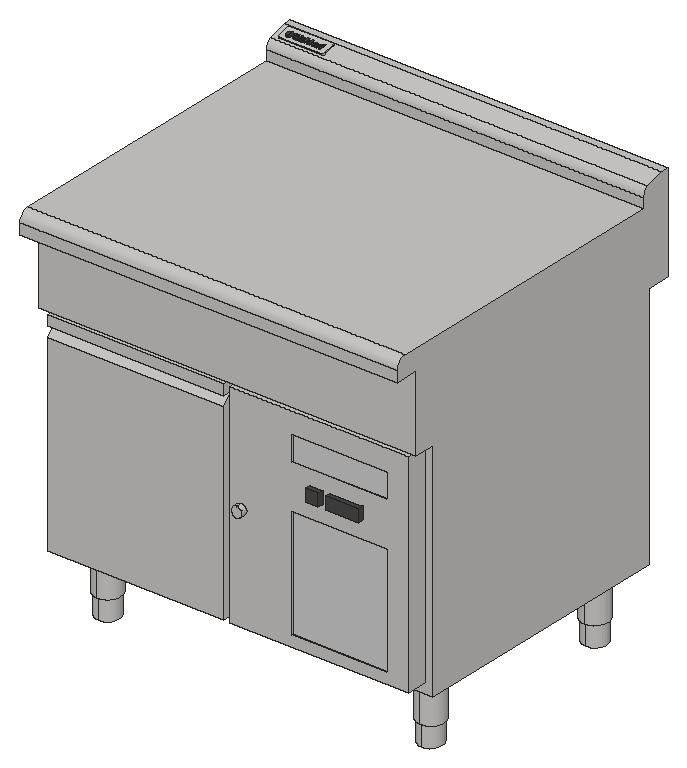
Revit family "QF_MOFFAT WALDORF_BTL8900-RB", category Specialty Equipment, Revit 2012
Parameters
  Weight in Pounds = 225.7359  # constant formula
  Width [instance] = 900.00 mm  # constant formula
  Watts = 250 W
  Volts = 240 V
  URL Cutsheet = "www.moffat.com"
  URL = "www.moffat.com"
  Type Mark [instance] = ""
  Status [instance] = ""
  Specification by User [instance] = ""
  Specification by Manufacturer = ""
  Show Logo [instance] = yes
  Show Clearance [instance] = yes
  Show Casters [instance] = no
  Serial Number = ""
  Seismic Rating = ""
  SMACNA No = ""
  Revision Code [instance] = ""
  Refrigerant Type = "R134a"
  Phase = 1
  Omniclass Number and Title = ""
  Number of Poles = 1
  NAFEM Spec ID Number = ""
  Model = "BTL8900-RB"
  Min Ckt Ampacity = 0 A
  Max Overcurrent Protection = 0 A
  Masterspec = ""
  Manufacturer = "MOFFAT WALDORF"
  Legs [instance] = not(Show Casters)  # yes
  Item Number [instance] = ""
  Installed By [instance] = ""
  Identify Quantity as Lot [instance] = yes
  Height = 972.00 mm  # constant formula
  HP = ""
  Furnished By [instance] = ""
  Foodservice Equipment Identifier [instance] = yes
  FL Amps = 1.8 A
  Elec Conn RI Height = 0.00 mm
  Elec Conn Connection Height = 0.00 mm
  Description = "BENCH TOP LOW SPLASHBACK ON REFRIGERATED BASE"
  Depth [instance] = 805.00 mm  # constant formula
  Cycle = 50 Hz
  Conn Plug = ""
  Conn Conduit = yes
  CSI MasterFormat = ""
  CSI Master Format = ""
  Body Finish = QF_Finishes_Stainless Steel
  Back Splash [instance] = 215.00 mm  # constant formula
  Apparent Power = if(Phase = 3, Volts * FL Amps * 1.73, Volts * FL Amps)  # 432 VA
Reference planes
  plane 1 "BACK": y = 0
  plane 2: z = 0
  plane 3 "LEFT": x = 0
  plane 4 "RIGHT": x = 900
  plane 5 "FRONT": y = -805
  plane 6 "TOP": z = 972
  plane 7 "Center Y": x = 450
  plane 8 "Center X": y = -402.5
  plane 9 "Base Height": z = 150
  plane 10: z = 915
  plane 11: x = 65
  plane 12: x = 834.938
  plane 13: y = -625
  plane 14: z = 420
  plane 15: y = -135
Forms (mm)
  Extrusion 1, solid, material "QF_Finishes_Stainless Steel" <- "Body Finish"
    sketch origin (0, 0, 0) x (0, 1, 0) y (0, 0, 1)
      loop
        line (-699, 687) -> (-699, 150) -> (-57, 150) -> (-57, 740) -> (0, 740) -> (0, 972) -> (-16.5, 972) -> (-58, 960.88)
        arc (-58, 960.88) -> (-66.785, 952.095) -> (-70, 940.095) r 24
        line (-70, 940.095) -> (-70, 917) -> (-781, 917)
        arc (-781, 917) -> (-797.971, 909.971) -> (-805, 893) r 24
        line (-805, 893) -> (-805, 868) -> (-749, 868) -> (-749, 687) -> (-699, 687)
    from 0 to 900
  Revolve 2, solid, material "QF_Finishes_Stainless Steel" <- "Body Finish", visible <- "Legs"
    sketch origin (65, -200, 0) x (0, 1, 0) y (0, 0, 1)
      loop
        line (33.25, 150) -> (33.25, 50) -> (37.5, 50) -> (37.5, 0) -> (65, 0) -> (65, 150) -> (33.25, 150)
      axis (65, 150) -> (65, 0)
    angle from 0 to 360
  Revolve 3, solid, material "QF_Finishes_Stainless Steel" <- "Body Finish"
    sketch origin (65, -735, 0) x (0, 1, 0) y (0, 0, 1)
      loop
        line (78.25, 150) -> (78.25, 50) -> (82.5, 50) -> (82.5, 0) -> (110, 0) -> (110, 150) -> (78.25, 150)
      axis (110, 150) -> (110, 0)
    angle from 0 to 360
  Revolve 4, solid, material "QF_Finishes_Stainless Steel" <- "Body Finish", visible <- "Legs"
    sketch origin (834.938, -200, 0) x (0, 1, 0) y (0, 0, -1)
      loop
        line (33.25, -150) -> (65, -150) -> (65, 0) -> (37.5, 0) -> (37.5, -50) -> (33.25, -50) -> (33.25, -150)
      axis (65, -150) -> (65, 0)
    angle from 0 to 360
  Revolve 5, solid, material "QF_Finishes_Stainless Steel" <- "Body Finish"
    sketch origin (834.938, -735, 0) x (0, 1, 0) y (0, 0, -1)
      loop
        line (78.25, -150) -> (110, -150) -> (110, 0) -> (82.5, 0) -> (82.5, -50) -> (78.25, -50) -> (78.25, -150)
      axis (110, -150) -> (110, 0)
    angle from 0 to 360
  Extrusion 6, solid, material "QF_Finishes_Stainless Steel" <- "Body Finish"
    sketch origin (0, 0, 0) x (0, 1, 0) y (0, 0, 1)
      loop
        line (-747, 678) -> (-747, 653) -> (-722, 653) -> (-747, 628) -> (-747, 173.1) -> (-702.18, 173.1) -> (-702.18, 678) -> (-747, 678)
    from 19 to 439
  Extrusion 7, solid, material "QF_Finishes_Stainless Steel" <- "Body Finish"
    sketch origin (0, -699, 1085.255) x (0, 0, -1) y (1, 0, 0)
      loop
        line (408.155, 881) -> (408.155, 453) -> (912.155, 453) -> (912.155, 881) -> (408.155, 881)
      loop
        line (887.155, 831) -> (622.155, 831) -> (622.155, 601) -> (887.155, 601) -> (887.155, 831)
      loop
        line (458.155, 831) -> (458.155, 601) -> (518.155, 601) -> (518.155, 831) -> (458.155, 831)
    from 0 to 48
  Extrusion 8, solid, material "QF_Finishes_Vents"
    sketch origin (0, -699, 1085.255) x (0, 0, 1) y (1, 0, 0)
      loop
        line (-518.155, 601) -> (-458.155, 601) -> (-458.155, 831) -> (-518.155, 831) -> (-518.155, 601)
      loop
        line (-622.155, 601) -> (-622.155, 831) -> (-887.155, 831) -> (-887.155, 601) -> (-622.155, 601)
    from 0 to -44.529
  Extrusion 9, solid, material "QF_Finishes_Black"
    sketch origin (0, -747, 1085.255) x (0, 0, -1) y (1, 0, 0)
      loop
        line (552.615, 644.926) -> (582.615, 644.926) -> (582.615, 674.926) -> (552.615, 674.926) -> (552.615, 644.926)
      loop
        line (552.615, 692.503) -> (582.615, 692.503) -> (582.615, 770.815) -> (552.615, 770.815) -> (552.615, 692.503)
    from 0 to 12.7
  Extrusion 10, solid, material "QF_Finishes_Stainless Steel"
    sketch origin (0, -747, 1085.255) x (0, 0, -1) y (1, 0, 0)
      loop
        circle (661.385, 480.856) r 12.395
    from 0 to 12.7
  Extrusion 11, solid, material "QF_Finishes_Stainless Steel"
    sketch origin (-144.5, -57, 740) x (0, 0, -1) y (-1, 0, 0)
      loop
        circle (320, -762.653) r 10
    from 0 to 1.993
  Extrusion 12, solid, material "QF_Door-Drawer Clearances", visible <- "Show Clearance", detail levels coarse
    sketch origin (17.5, -706.375, 173.1) x (-1, 0, 0) y (0, 1, 0)
      loop
        line (-1.341, -41.036) -> (-421.341, -41.036)
        arc (-421.341, -41.036) -> (-298.325, -338.021) -> (-1.341, -461.036) r 420
        line (-1.341, -461.036) -> (-1.341, -41.036)
    from 0 to -504.9
Lines and regions (mm)
  symbolic lines
    curve 1: line (0, 0, 0) -> (0, -805, 0)
    curve 2: line (900, 0, 0) -> (0, 0, 0)
    curve 3: line (900, -805, 0) -> (900, 0, 0)
    curve 4: line (0, -70, 0) -> (900, -70, 0)
    curve 5: line (0, -805, 0) -> (900, -805, 0)
    curve 6: line (12.5, -51.234, 0) -> (12.5, -20.958, 0)
    curve 7: line (121.5, -20.958, 0) -> (121.5, -51.234, 0)
    curve 8: line (12.5, -51.234, 0) -> (121.5, -51.234, 0)
    curve 9: line (12.5, -20.958, 0) -> (121.5, -20.958, 0)
    curve 10: line (129.5, -50.642, 0) -> (129.5, -22.583, 0)
    curve 11: line (129.5, -22.583, 0) -> (149.5, -22.583, 0)
    curve 12: line (149.5, -22.583, 0) -> (149.5, -50.642, 0)
    curve 13: line (149.5, -50.642, 0) -> (129.5, -50.642, 0)
    curve 14: line (156.456, -50.642, 0) -> (156.456, -22.583, 0)
    curve 15: line (156.456, -22.583, 0) -> (176.456, -22.583, 0)
    curve 16: line (176.456, -22.583, 0) -> (176.456, -50.642, 0)
    curve 17: line (176.456, -50.642, 0) -> (156.456, -50.642, 0)
    curve 18: line (183.554, -50.642, 0) -> (183.554, -22.583, 0)
    curve 19: line (183.554, -22.583, 0) -> (203.554, -22.583, 0)
    curve 20: line (203.554, -22.583, 0) -> (203.554, -50.642, 0)
    curve 21: line (203.554, -50.642, 0) -> (183.554, -50.642, 0)
    curve 22: line (210.547, -50.642, 0) -> (210.547, -22.583, 0)
    curve 23: line (210.547, -22.583, 0) -> (230.547, -22.583, 0)
    curve 24: line (230.547, -22.583, 0) -> (230.547, -50.642, 0)
    curve 25: line (230.547, -50.642, 0) -> (210.547, -50.642, 0)
    curve 26: line (237.5, -50.642, 0) -> (237.5, -22.583, 0)
    curve 27: line (237.5, -22.583, 0) -> (257.5, -22.583, 0)
    curve 28: line (257.5, -22.583, 0) -> (257.5, -50.642, 0)
    curve 29: line (257.5, -50.642, 0) -> (237.5, -50.642, 0)
    curve 30: line (264.5, -50.642, 0) -> (264.5, -22.583, 0)
    curve 31: line (264.5, -22.583, 0) -> (284.5, -22.583, 0)
    curve 32: line (284.5, -22.583, 0) -> (284.5, -50.642, 0)
    curve 33: line (284.5, -50.642, 0) -> (264.5, -50.642, 0)
    curve 34: line (291.5, -50.642, 0) -> (291.5, -22.583, 0)
    curve 35: line (291.5, -22.583, 0) -> (311.5, -22.583, 0)
    curve 36: line (311.5, -22.583, 0) -> (311.5, -50.642, 0)
    curve 37: line (311.5, -50.642, 0) -> (291.5, -50.642, 0)
    curve 38: line (318.5, -50.642, 0) -> (318.5, -22.583, 0)
    curve 39: line (318.5, -22.583, 0) -> (338.5, -22.583, 0)
    curve 40: line (338.5, -22.583, 0) -> (338.5, -50.642, 0)
    curve 41: line (338.5, -50.642, 0) -> (318.5, -50.642, 0)
    curve 42: line (345.5, -50.642, 0) -> (345.5, -22.583, 0)
    curve 43: line (345.5, -22.583, 0) -> (365.5, -22.583, 0)
    curve 44: line (365.5, -22.583, 0) -> (365.5, -50.642, 0)
    curve 45: line (365.5, -50.642, 0) -> (345.5, -50.642, 0)
    curve 46: line (372.5, -50.642, 0) -> (372.5, -22.583, 0)
    curve 47: line (372.5, -22.583, 0) -> (392.5, -22.583, 0)
    curve 48: line (392.5, -22.583, 0) -> (392.5, -50.642, 0)
    curve 49: line (392.5, -50.642, 0) -> (372.5, -50.642, 0)
    curve 50: line (399.5, -50.642, 0) -> (399.5, -22.583, 0)
    curve 51: line (399.5, -22.583, 0) -> (419.5, -22.583, 0)
    curve 52: line (419.5, -22.583, 0) -> (419.5, -50.642, 0)
    curve 53: line (419.5, -50.642, 0) -> (399.5, -50.642, 0)
    curve 54: line (426.5, -50.642, 0) -> (426.5, -22.583, 0)
    curve 55: line (426.5, -22.583, 0) -> (446.5, -22.583, 0)
    curve 56: line (446.5, -22.583, 0) -> (446.5, -50.642, 0)
    curve 57: line (446.5, -50.642, 0) -> (426.5, -50.642, 0)
    curve 58: line (453.5, -50.642, 0) -> (453.5, -22.583, 0)
    curve 59: line (453.5, -22.583, 0) -> (473.5, -22.583, 0)
    curve 60: line (473.5, -22.583, 0) -> (473.5, -50.642, 0)
    curve 61: line (473.5, -50.642, 0) -> (453.5, -50.642, 0)
    curve 62: line (480.5, -50.642, 0) -> (480.5, -22.583, 0)
    curve 63: line (480.5, -22.583, 0) -> (500.5, -22.583, 0)
    curve 64: line (500.5, -22.583, 0) -> (500.5, -50.642, 0)
    curve 65: line (500.5, -50.642, 0) -> (480.5, -50.642, 0)
    curve 66: line (507.5, -50.642, 0) -> (507.5, -22.583, 0)
    curve 67: line (507.5, -22.583, 0) -> (527.5, -22.583, 0)
    curve 68: line (527.5, -22.583, 0) -> (527.5, -50.642, 0)
    curve 69: line (527.5, -50.642, 0) -> (507.5, -50.642, 0)
    curve 70: line (534.5, -50.642, 0) -> (534.5, -22.583, 0)
    curve 71: line (534.5, -22.583, 0) -> (554.5, -22.583, 0)
    curve 72: line (554.5, -22.583, 0) -> (554.5, -50.642, 0)
    curve 73: line (554.5, -50.642, 0) -> (534.5, -50.642, 0)
    curve 74: line (561.5, -50.642, 0) -> (561.5, -22.583, 0)
    curve 75: line (561.5, -22.583, 0) -> (581.5, -22.583, 0)
    curve 76: line (581.5, -22.583, 0) -> (581.5, -50.642, 0)
    curve 77: line (581.5, -50.642, 0) -> (561.5, -50.642, 0)
    curve 78: line (588.5, -50.642, 0) -> (588.5, -22.583, 0)
    curve 79: line (588.5, -22.583, 0) -> (608.5, -22.583, 0)
    curve 80: line (608.5, -22.583, 0) -> (608.5, -50.642, 0)
    curve 81: line (608.5, -50.642, 0) -> (588.5, -50.642, 0)
    curve 82: line (615.5, -50.642, 0) -> (615.5, -22.583, 0)
    curve 83: line (615.5, -22.583, 0) -> (635.5, -22.583, 0)
    curve 84: line (635.5, -22.583, 0) -> (635.5, -50.642, 0)
    curve 85: line (635.5, -50.642, 0) -> (615.5, -50.642, 0)
    curve 86: line (642.5, -50.642, 0) -> (642.5, -22.583, 0)
    curve 87: line (642.5, -22.583, 0) -> (662.5, -22.583, 0)
    curve 88: line (662.5, -22.583, 0) -> (662.5, -50.642, 0)
    curve 89: line (662.5, -50.642, 0) -> (642.5, -50.642, 0)
    curve 90: line (669.5, -50.642, 0) -> (669.5, -22.583, 0)
    curve 91: line (669.5, -22.583, 0) -> (689.5, -22.583, 0)
    curve 92: line (689.5, -22.583, 0) -> (689.5, -50.642, 0)
    curve 93: line (689.5, -50.642, 0) -> (669.5, -50.642, 0)
    curve 94: line (696.5, -50.642, 0) -> (696.5, -22.583, 0)
    curve 95: line (696.5, -22.583, 0) -> (716.5, -22.583, 0)
    curve 96: line (716.5, -22.583, 0) -> (716.5, -50.642, 0)
    curve 97: line (716.5, -50.642, 0) -> (696.5, -50.642, 0)
    curve 98: line (723.5, -50.642, 0) -> (723.5, -22.583, 0)
    curve 99: line (723.5, -22.583, 0) -> (743.5, -22.583, 0)
    curve 100: line (743.5, -22.583, 0) -> (743.5, -50.642, 0)
    curve 101: line (743.5, -50.642, 0) -> (723.5, -50.642, 0)
    curve 102: line (750.5, -50.642, 0) -> (750.5, -22.583, 0)
    curve 103: line (750.5, -22.583, 0) -> (770.5, -22.583, 0)
    curve 104: line (770.5, -22.583, 0) -> (770.5, -50.642, 0)
    curve 105: line (770.5, -50.642, 0) -> (750.5, -50.642, 0)
  symbolic lines, style "QF_Door-Drawer Clearances"
    curve 106: line (77, -805, 0) -> (316.111, -1044.111, 0)
    curve 107: arc (434.874, -805, 0) -> (394.997, -934.243, 0) -> (316.111, -1044.111, 0) r 420
Dimensions and locks
  equal spacing: plane 3 "LEFT", plane 7 "Center Y", plane 4 "RIGHT"
  "Width": plane 3 "LEFT" to plane 4 "RIGHT"
  equal spacing: plane 5 "FRONT", plane 8 "Center X", plane 1 "BACK"
  "Depth": plane 5 "FRONT" to plane 1 "BACK"
  locked: plane 10 to level at 915
  locked: plane 9 "Base Height" to level at 150
  nested 1 to plane 6 "TOP" to nested 1 to plane 10 = 0.882 mm, 7.954 mm, 49.046 mm
  plane 12 to plane 11 = 769.938 mm
  "Height": plane 6 "TOP" to level
  plane 13 to plane 15 = 490.00 mm
  aligned and locked: level to plane 2
Automatic sketch dimensions
  Revolve 2 sketch curve to plane 9 "Base Height" = 0.00 mm
  Revolve 2 sketch curve to level = 0.00 mm
  Revolve 2 sketch curve to Revolve 2 sketch curve = 27.50 mm  (x2)
  Revolve 2 sketch curve to Revolve 2 sketch curve = 31.75 mm
  Revolve 2 sketch curve to level = 55.00 mm
  Revolve 2 sketch curve to Revolve 2 sketch curve = 50.00 mm
  Revolve 2 sketch curve to Revolve 2 sketch curve = 0.00 mm
  Revolve 3 sketch curve to plane 9 "Base Height" = 0.00 mm
  Revolve 3 sketch curve to level = 0.00 mm
  Revolve 3 sketch curve to plane 13 = 0.00 mm  (x2)
  Revolve 3 sketch curve to plane 13 = 27.50 mm
  Revolve 3 sketch curve to Revolve 3 sketch curve = 31.75 mm
  Revolve 3 sketch curve to Revolve 3 sketch curve = 55.00 mm
  level to Revolve 3 sketch curve = 50.00 mm
  Revolve 3 sketch curve to Revolve 3 sketch curve = 0.00 mm
  Revolve 4 sketch curve to plane 9 "Base Height" = 0.00 mm
  Revolve 4 sketch curve to level = 0.00 mm
  Revolve 4 sketch curve to Revolve 4 sketch curve = 27.50 mm  (x2)
  Revolve 4 sketch curve to Revolve 4 sketch curve = 31.75 mm
  level to Revolve 4 sketch curve = 50.00 mm
  Revolve 4 sketch curve to Revolve 4 sketch curve = 0.00 mm
  Revolve 4 sketch curve to Revolve 4 sketch curve = 55.00 mm
  Revolve 5 sketch curve to plane 9 "Base Height" = 0.00 mm
  Revolve 5 sketch curve to level = 0.00 mm
  Revolve 5 sketch curve to plane 13 = 0.00 mm  (x2)
  Revolve 5 sketch curve to plane 13 = 27.50 mm
  Revolve 5 sketch curve to plane 13 = 31.75 mm
  level to Revolve 5 sketch curve = 50.00 mm
  Revolve 5 sketch curve to Revolve 5 sketch curve = 0.00 mm
  Revolve 5 sketch curve to Revolve 5 sketch curve = 55.00 mm
  Extrusion 6 sketch curve to plane 5 "FRONT" = 58.00 mm
  Extrusion 6 sketch curve to Extrusion 6 sketch curve = 25.00 mm  (x3)
  Extrusion 6 sketch curve to Extrusion 6 sketch curve = 19.82 mm
  Extrusion 6 sketch curve to Extrusion 6 sketch curve = 454.90 mm
  Extrusion 7 sketch curve to Extrusion 7 sketch curve = 50.00 mm  (x2)
  Extrusion 7 sketch curve to Extrusion 7 sketch curve = 25.00 mm
  Extrusion 7 sketch curve to Extrusion 7 sketch curve = 148.00 mm  (x2)
  Extrusion 7 sketch curve to Extrusion 7 sketch curve = 60.00 mm
  Extrusion 7 sketch curve to Extrusion 7 sketch curve = 265.00 mm
  Extrusion 7 to Extrusion 8 sketch curve = 0.00 mm  (x2)
  Extrusion 8 sketch curve to Extrusion 7 = 0.00 mm  (x6)
  Extrusion 9 sketch curve to Extrusion 7 = 34.46 mm  (x2)
  Extrusion 9 sketch curve to Extrusion 9 sketch curve = 30.00 mm  (x2)
  Extrusion 9 sketch curve to Extrusion 9 sketch curve = 0.00 mm
  Extrusion 7 to Extrusion 9 sketch curve = 43.926 mm
  Extrusion 9 sketch curve to Extrusion 9 sketch curve = 17.577 mm
  Extrusion 7 to Extrusion 9 sketch curve = 60.185 mm
  Extrusion 7 to Extrusion 10 sketch curve = 39.229 mm
  Extrusion 10 sketch curve to Extrusion 7 = 27.856 mm
  Extrusion 11 sketch curve to Extrusion 1 = 320.00 mm
  Extrusion 1 to Extrusion 11 sketch curve = 281.847 mm
  Extrusion 6 sketch curve to plane 14 = 246.90 mm
  Extrusion 6 sketch curve to Extrusion 6 sketch curve = 44.82 mm
  Extrusion 12 sketch curve to Extrusion 6 = 0.159 mm
  Extrusion 6 to Extrusion 12 sketch curve = 0.159 mm
  Extrusion 6 to Extrusion 12 sketch curve = 0.411 mm
  curve 1 to plane 3 "LEFT" = 0.00 mm
  plane 5 "FRONT" to curve 107 = 0.00 mm
  curve 3 to plane 4 "RIGHT" = 0.00 mm
  plane 1 "BACK" to curve 2 = 0.00 mm
  plane 3 "LEFT" to curve 6 = 12.50 mm
  plane 3 "LEFT" to curve 107 = 18.841 mm
  plane 11 to curve 106 = 12.00 mm
  plane 1 "BACK" to curve 7 = 20.958 mm
  plane 11 to curve 7 = 56.50 mm
  curve 7 to curve 11 = 8.00 mm
  curve 10 to curve 12 = 20.00 mm
  curve 12 to curve 17 = 6.956 mm
  curve 14 to curve 16 = 20.00 mm
  curve 15 to curve 19 = 7.098 mm
  curve 18 to curve 20 = 20.00 mm
  curve 19 to curve 22 = 6.993 mm
  curve 22 to curve 24 = 20.00 mm
  curve 24 to curve 26 = 6.953 mm
  curve 26 to curve 29 = 20.00 mm
  curve 27 to curve 31 = 7.00 mm
  curve 30 to curve 32 = 20.00 mm
  curve 31 to curve 34 = 7.00 mm
  curve 34 to curve 36 = 20.00 mm
  curve 107 to plane 7 "Center Y" = 133.889 mm
  curve 36 to curve 38 = 7.00 mm
  curve 38 to curve 39 = 20.00 mm
  curve 40 to curve 45 = 7.00 mm
  curve 42 to curve 44 = 20.00 mm
  curve 44 to curve 49 = 7.00 mm
  curve 46 to curve 47 = 20.00 mm
  curve 48 to curve 50 = 7.00 mm
  curve 50 to curve 51 = 20.00 mm
  curve 51 to curve 54 = 7.00 mm
  curve 107 to plane 7 "Center Y" = 15.126 mm
  curve 56 to plane 7 "Center Y" = 3.50 mm
  plane 7 "Center Y" to curve 58 = 3.50 mm
  curve 58 to curve 60 = 20.00 mm
  curve 60 to curve 62 = 7.00 mm
  curve 62 to curve 64 = 20.00 mm
  curve 64 to curve 66 = 7.00 mm
  curve 66 to curve 68 = 20.00 mm
  curve 68 to curve 70 = 7.00 mm
  curve 70 to curve 72 = 20.00 mm
  curve 71 to curve 74 = 7.00 mm
  curve 74 to curve 76 = 20.00 mm
  curve 76 to curve 78 = 7.00 mm
  curve 78 to curve 80 = 20.00 mm
  curve 80 to curve 82 = 7.00 mm
  curve 82 to curve 84 = 20.00 mm
  curve 84 to curve 86 = 7.00 mm
  curve 86 to curve 88 = 20.00 mm
  curve 88 to curve 90 = 7.00 mm
  curve 90 to curve 92 = 20.00 mm
  curve 92 to curve 94 = 7.00 mm
  curve 94 to curve 96 = 20.00 mm
  curve 95 to curve 98 = 7.00 mm
  curve 98 to curve 100 = 20.00 mm
  curve 99 to curve 102 = 7.00 mm
  curve 102 to curve 104 = 20.00 mm
  plane 5 "FRONT" to curve 107 = 239.111 mm
  curve 8 to curve 7 = 30.277 mm
  curve 7 to curve 10 = 0.592 mm
  curve 101 to curve 102 = 0.00 mm
  curve 12 to curve 14 = 0.00 mm  (x2)
  curve 97 to curve 98 = 0.00 mm
  curve 16 to curve 18 = 0.00 mm  (x2)
  curve 93 to curve 94 = 0.00 mm
  curve 20 to curve 22 = 0.00 mm  (x2)
  curve 89 to curve 90 = 0.00 mm
  curve 24 to curve 26 = 0.00 mm  (x2)
  curve 85 to curve 86 = 0.00 mm
  curve 28 to curve 30 = 0.00 mm  (x2)
  curve 81 to curve 82 = 0.00 mm
  curve 32 to curve 34 = 0.00 mm  (x2)
  curve 77 to curve 78 = 0.00 mm
  curve 36 to curve 38 = 0.00 mm  (x2)
  curve 73 to curve 74 = 0.00 mm
  curve 40 to curve 42 = 0.00 mm  (x2)
  curve 69 to curve 70 = 0.00 mm
  curve 44 to curve 46 = 0.00 mm  (x2)
  curve 65 to curve 66 = 0.00 mm
  curve 48 to curve 50 = 0.00 mm  (x2)
  curve 61 to curve 62 = 0.00 mm
  curve 52 to curve 54 = 0.00 mm  (x2)
  plane 1 "BACK" to curve 56 = 22.583 mm
  curve 55 to curve 58 = 0.00 mm
  curve 59 to curve 62 = 0.00 mm
  curve 63 to curve 66 = 0.00 mm
  curve 67 to curve 70 = 0.00 mm
  curve 71 to curve 74 = 0.00 mm
  curve 75 to curve 78 = 0.00 mm
  curve 79 to curve 82 = 0.00 mm
  curve 83 to curve 86 = 0.00 mm
  curve 87 to curve 90 = 0.00 mm
  curve 91 to curve 94 = 0.00 mm
  curve 95 to curve 98 = 0.00 mm
  curve 99 to curve 102 = 0.00 mm
  plane 7 "Center Y" to Extrusion 7 sketch curve = 3.00 mm
  Extrusion 7 sketch curve to plane 10 = 237.90 mm
  plane 14 to Extrusion 7 sketch curve = 43.10 mm
  plane 12 to Extrusion 7 sketch curve = 3.937 mm  (x2)
  Extrusion 1 sketch curve to plane 5 "FRONT" = 0.00 mm
  Extrusion 1 sketch curve to plane 9 "Base Height" = 0.00 mm
  Extrusion 1 sketch curve to plane 6 "TOP" = 0.00 mm
  Extrusion 1 sketch curve to plane 1 "BACK" = 0.00 mm
  Extrusion 1 sketch curve to Extrusion 1 sketch curve = 24.00 mm
  Extrusion 1 sketch curve to plane 5 "FRONT" = 56.00 mm
  Extrusion 1 sketch curve to plane 13 = 74.00 mm
  plane 10 to Extrusion 1 sketch curve = 2.00 mm
  Extrusion 1 sketch curve to plane 6 "TOP" = 11.12 mm
  Extrusion 1 sketch curve to Extrusion 1 sketch curve = 12.00 mm
  plane 1 "BACK" to Extrusion 1 sketch curve = 16.50 mm
  Extrusion 1 sketch curve to plane 10 = 175.00 mm
  Extrusion 1 sketch curve to Extrusion 1 sketch curve = 206.00 mm
  Extrusion 1 sketch curve to Extrusion 1 sketch curve = 25.00 mm
  Extrusion 1 sketch curve to Extrusion 1 sketch curve = 23.095 mm
  curve 4 to curve 6 = 18.766 mm
  curve 105 to curve 102 = 28.059 mm
  plane 1 "BACK" to Extrusion 1 sketch curve = 70.00 mm
  plane 1 "BACK" to Extrusion 1 sketch curve = 57.00 mm
  plane 1 "BACK" to Revolve 2 sketch curve = 166.75 mm
  plane 1 "BACK" to Revolve 4 sketch curve = 166.75 mm
  radius of Extrusion 10 sketch curve = 12.395 mm
  radius of Extrusion 11 sketch curve = 10.00 mm
Nested families
  nested 1: "WALDORF-LOGO" at (12.5, -35.273, 938.69), visible <- "Show Logo", type "WALDORF-LOGO", detail levels medium+fine
    with Type Mark "", Status "", Specification by User "", Revision Code "", Item Number "", Installed By "", Identify Quantity as Lot yes, Furnished By "", Foodservice Equipment Identifier yes
  nested 2: "BTL8900-RB-CASTERS" at (65, -135, 0), Show Casters <- "Show Casters", visible <- "Show Casters", type "BTL8900-RB-CASTERS"
    with Type Mark "", Status "", Specification by User "", Show Casters no, Revision Code "", Item Number "", Installed By "", Identify Quantity as Lot yes, Furnished By "", Foodservice Equipment Identifier yes
  nested 3: "BTL8900-RB-CASTERS" at (835, -135, 0), Show Casters <- "Show Casters", visible <- "Show Casters", type "BTL8900-RB-CASTERS"
    with Type Mark "", Status "", Specification by User "", Show Casters no, Revision Code "", Item Number "", Installed By "", Identify Quantity as Lot yes, Furnished By "", Foodservice Equipment Identifier yes
Connectors
  electrical at (618.153, -55.007, 420), driven by "Volts", driven by "Watts"
    settings: on Extrusion 11, index 1, voltage 240 V, apparent load 250 VA, apparent load phase1 0 VA, apparent load phase2 0 VA, apparent load phase3 0 VA, power factor 1, load classification "Other", number of poles 1, system type 30, power factor state 1, is connector primary yes, connector utility no, sub classification motor no, connector description "ELECTRICAL CONNECTION"
Definition of nested family "WALDORF-LOGO"
  Parameters (values of type "WALDORF-LOGO")
    Weight in Pounds = 0
    URL Cutsheet = ""
    Type Mark [instance] = ""
    Status [instance] = ""
    Specification by User [instance] = ""
    Specification by Manufacturer = ""
    Show Logo [instance] = yes
    Serial Number = ""
    Seismic Rating = ""
    SMACNA No = ""
    Revision Code [instance] = ""
    Omniclass Number and Title = ""
    NAFEM Spec ID Number = ""
    Masterspec = ""
    Item Number [instance] = ""
    Installed By [instance] = ""
    Identify Quantity as Lot [instance] = yes
    Furnished By [instance] = ""
    Foodservice Equipment Identifier [instance] = yes
    CSI MasterFormat = ""
    CSI Master Format = ""
  Reference planes
    plane 1 "BACK": y = 0
    plane 2: z = 0
    plane 3 "LEFT": x = 0
    plane 4 "RIGHT": x = 109
    plane 5 "FRONT": y = -1.588
    plane 6 "TOP": z = 34.14
    plane 7 "Center Y": x = 54.5
    plane 8 "Center X": y = -0.794
    plane 9: through (-6096, 21.87, 34.14) normal (0, -0.2588, 0.9659)
  Forms (mm)
    Extrusion 1, solid, material "QF_Finishes_Stainless Steel", visible <- "Show Logo"
      sketch origin (0, -16.636, 23.822) x (1, 0, 0) y (0, 0.965926, 0.258819)
        loop
          arc (5, 34.14) -> (1.464, 32.676) -> (0, 29.14) r 5
          line (0, 29.14) -> (0, 5)
          arc (0, 5) -> (1.464, 1.464) -> (5, 0) r 5
          line (5, 0) -> (104, 0)
          arc (104, 0) -> (107.536, 1.464) -> (109, 5) r 5
          line (109, 5) -> (109, 29.14)
          arc (109, 29.14) -> (107.536, 32.676) -> (104, 34.14) r 5
          line (104, 34.14) -> (5, 34.14)
      from 0 to 1.588
    Extrusion 2, solid, material "QF_Finishes_Black", visible <- "Show Logo"
      sketch origin (0, -17.047, 25.356) x (1, 0, 0) y (0, 0.965926, 0.258819)
        loop
          line (24.772, 23.214) -> (27.992, 10.301) -> (31.551, 10.301) -> (33.443, 17.364) -> (35.205, 10.301) -> (39.332, 10.301) -> (42.077, 23.214) -> (38.352, 23.214) -> (36.676, 15.33) -> (35, 23.214) -> (31.752, 23.214) -> (30.076, 15.33) -> (28.4, 23.214) -> (24.772, 23.214)
        loop
          line (42.272, 17.055) -> (45.703, 17.055)
          spline (45.703, 17.055) -> (45.741, 17.285) -> (45.852, 17.499) -> (46.028, 17.682) -> (46.258, 17.823) -> (46.526, 17.912) -> (46.813, 17.942) -> (47.1, 17.912) -> (47.368, 17.823) -> (47.597, 17.682) -> (47.774, 17.499) -> (47.884, 17.285) -> (47.922, 17.055)
          line (47.922, 17.055) -> (47.922, 16.222)
          arc (47.922, 16.222) -> (45.742, 16.014) -> (43.665, 15.317) r 9.604
          arc (43.665, 15.317) -> (41.924, 12.809) -> (43.665, 10.301) r 2.677
          arc (43.665, 10.301) -> (45.527, 10.353) -> (47.332, 10.816) r 8.365
          line (47.332, 10.816) -> (48.092, 11.105) -> (48.092, 10.301) -> (51.817, 10.301) -> (51.817, 17.055)
          spline (51.817, 17.055) -> (51.654, 17.821) -> (51.178, 18.535) -> (50.419, 19.148) -> (49.431, 19.619) -> (48.28, 19.914) -> (47.044, 20.015) -> (45.809, 19.914) -> (44.658, 19.619) -> (43.67, 19.148) -> (42.911, 18.535) -> (42.434, 17.821) -> (42.272, 17.055)
        loop
          line (53.151, 23.214) -> (53.151, 10.301) -> (57.37, 10.301) -> (57.37, 23.214) -> (53.151, 23.214)
        loop
          line (64.874, 23.214) -> (64.874, 18.857)
          arc (64.874, 18.857) -> (58.083, 15.11) -> (64.874, 11.363) r 4.429
          line (64.874, 11.363) -> (64.874, 10.301) -> (68.378, 10.301) -> (68.378, 23.214) -> (64.874, 23.214)
        loop
          arc (64.874, 16.083) -> (61.41, 14.987) -> (64.874, 13.891) r 1.905
          line (64.874, 13.891) -> (64.874, 16.083)
        loop
          circle (74.623, 15.223) r 5
        loop
          spline (74.623, 17.856) -> (74.355, 17.766) -> (74.105, 17.503) -> (73.891, 17.084) -> (73.726, 16.539) -> (73.623, 15.904) -> (73.588, 15.223) -> (73.623, 14.541) -> (73.726, 13.906) -> (73.891, 13.361) -> (74.105, 12.942) -> (74.355, 12.679) -> (74.623, 12.59)
          spline (74.623, 12.59) -> (74.891, 12.679) -> (75.141, 12.942) -> (75.355, 13.361) -> (75.52, 13.906) -> (75.623, 14.541) -> (75.659, 15.223) -> (75.623, 15.904) -> (75.52, 16.539) -> (75.355, 17.084) -> (75.141, 17.503) -> (74.891, 17.766) -> (74.623, 17.856)
        loop
          line (81.255, 19.813) -> (81.255, 10.301) -> (84.834, 10.301) -> (84.834, 14.176)
          arc (84.834, 14.176) -> (85.854, 16.093) -> (88.013, 16.32) r 2.313
          line (88.013, 16.32) -> (88.013, 19.813) -> (87.161, 19.813)
          arc (87.161, 19.813) -> (85.526, 19.266) -> (84.549, 17.844) r 2.717
          line (84.549, 17.844) -> (84.549, 19.813) -> (81.255, 19.813)
        loop
          line (90.249, 19.813) -> (88.91, 19.813) -> (88.91, 17.614) -> (90.249, 17.614) -> (90.249, 10.301) -> (93.998, 10.301) -> (93.998, 17.614) -> (95.418, 17.614) -> (95.418, 19.813) -> (93.998, 19.813)
          arc (93.998, 19.813) -> (94.414, 20.817) -> (95.418, 21.233) r 1.42
          line (95.418, 21.233) -> (95.418, 23.602) -> (93.317, 23.602)
          arc (93.317, 23.602) -> (91.343, 22.903) -> (90.249, 21.118) r 3.137
          line (90.249, 21.118) -> (90.249, 19.813)
        loop
          arc (15.241, 23.571) -> (8.392, 16.525) -> (15.241, 9.479) r 7.049
          line (15.241, 9.479) -> (15.241, 23.571)
        loop
          line (15.641, 23.571) -> (15.641, 9.479)
          arc (15.641, 9.479) -> (22.49, 16.525) -> (15.641, 23.571) r 7.049
        loop
          arc (47.922, 14.711) -> (46.266, 13.749) -> (47.922, 12.787) r 1.107
          line (47.922, 12.787) -> (47.922, 14.711)
      from 0 to 0.2
  Dimensions and locks
    equal spacing: plane 3 "LEFT", plane 7 "Center Y", plane 4 "RIGHT"
    plane 3 "LEFT" to plane 4 "RIGHT" = 109.00 mm
    equal spacing: plane 5 "FRONT", plane 8 "Center X", plane 1 "BACK"
    plane 5 "FRONT" to plane 1 "BACK" = 1.588 mm
    aligned and locked: level to plane 2
  Automatic sketch dimensions
    Extrusion 1 sketch curve to plane 3 "LEFT" = 0.00 mm
    Extrusion 1 sketch curve to plane 4 "RIGHT" = 0.00 mm
    plane 3 "LEFT" to Extrusion 1 sketch curve = 5.00 mm  (x2)
    plane 4 "RIGHT" to Extrusion 1 sketch curve = 5.00 mm  (x2)
    Extrusion 1 sketch curve to Extrusion 1 sketch curve = 24.14 mm
    Extrusion 2 sketch curve to Extrusion 2 sketch curve = 0.00 mm  (x14)
    Extrusion 2 sketch curve to Extrusion 1 = 15.241 mm
    Extrusion 2 sketch curve to Extrusion 2 sketch curve = 0.20 mm
    Extrusion 2 sketch curve to Extrusion 2 sketch curve = 0.40 mm
    Extrusion 2 sketch curve to Extrusion 2 sketch curve = 9.131 mm
    Extrusion 2 sketch curve to Extrusion 1 = 10.301 mm  (x2)
    Extrusion 2 sketch curve to Extrusion 2 sketch curve = 12.351 mm
    Extrusion 2 sketch curve to Extrusion 2 sketch curve = 3.628 mm
    Extrusion 2 sketch curve to Extrusion 2 sketch curve = 2.084 mm
    Extrusion 2 sketch curve to Extrusion 2 sketch curve = 3.559 mm
    Extrusion 2 sketch curve to Extrusion 1 = 10.926 mm  (x2)
    Extrusion 2 sketch curve to Extrusion 2 sketch curve = 3.352 mm  (x2)
    Extrusion 2 sketch curve to Extrusion 2 sketch curve = 3.367 mm
    Extrusion 2 sketch curve to Extrusion 2 sketch curve = 3.249 mm
    Extrusion 2 sketch curve to Extrusion 2 sketch curve = 3.654 mm
    Extrusion 2 sketch curve to Extrusion 1 = 15.33 mm
    Extrusion 2 sketch curve to Extrusion 2 sketch curve = 3.233 mm
    Extrusion 2 sketch curve to Extrusion 2 sketch curve = 4.128 mm
    Extrusion 2 sketch curve to Extrusion 2 sketch curve = 3.725 mm
    Extrusion 2 sketch curve to Extrusion 2 sketch curve = 5.596 mm
    Extrusion 2 sketch curve to Extrusion 2 sketch curve = 4.333 mm
    Extrusion 2 sketch curve to Extrusion 2 sketch curve = 1.394 mm
    Extrusion 2 sketch curve to Extrusion 2 sketch curve = 2.092 mm
    Extrusion 2 sketch curve to Extrusion 2 sketch curve = 0.936 mm
    Extrusion 2 sketch curve to Extrusion 2 sketch curve = 1.34 mm
    Extrusion 2 sketch curve to Extrusion 2 sketch curve = 1.109 mm
    Extrusion 2 sketch curve to Extrusion 2 sketch curve = 0.232 mm
    Extrusion 2 sketch curve to Extrusion 2 sketch curve = 2.731 mm
    Extrusion 2 sketch curve to Extrusion 2 sketch curve = 0.549 mm  (x2)
    Extrusion 2 sketch curve to Extrusion 2 sketch curve = 0.407 mm
    Extrusion 2 sketch curve to Extrusion 2 sketch curve = 0.76 mm
    Extrusion 2 sketch curve to Extrusion 2 sketch curve = 1.334 mm
    Extrusion 2 sketch curve to Extrusion 2 sketch curve = 4.219 mm
    Extrusion 2 sketch curve to Extrusion 2 sketch curve = 5.142 mm
    Extrusion 2 sketch curve to Extrusion 2 sketch curve = 0.803 mm
    Extrusion 2 sketch curve to Extrusion 2 sketch curve = 1.558 mm
    Extrusion 2 sketch curve to Extrusion 2 sketch curve = 3.504 mm
    Extrusion 2 sketch curve to Extrusion 2 sketch curve = 6.245 mm
    Extrusion 2 sketch curve to Extrusion 2 sketch curve = 6.632 mm
    Extrusion 2 sketch curve to Extrusion 2 sketch curve = 3.294 mm
    Extrusion 2 sketch curve to Extrusion 2 sketch curve = 3.579 mm
    Extrusion 2 sketch curve to Extrusion 2 sketch curve = 2.313 mm
    Extrusion 2 sketch curve to Extrusion 2 sketch curve = 2.612 mm
    Extrusion 2 sketch curve to Extrusion 2 sketch curve = 0.852 mm
    Extrusion 2 sketch curve to Extrusion 2 sketch curve = 0.897 mm
    Extrusion 2 sketch curve to Extrusion 2 sketch curve = 3.102 mm
    Extrusion 2 sketch curve to Extrusion 2 sketch curve = 1.338 mm
    Extrusion 2 sketch curve to Extrusion 2 sketch curve = 3.068 mm
    Extrusion 2 sketch curve to Extrusion 2 sketch curve = 0.681 mm
    Extrusion 2 sketch curve to Extrusion 2 sketch curve = 3.749 mm
    Extrusion 2 sketch curve to Extrusion 2 sketch curve = 1.42 mm
    Extrusion 2 sketch curve to Extrusion 2 sketch curve = 5.029 mm  (x2)
    Extrusion 2 sketch curve to Extrusion 1 = 9.479 mm
    Extrusion 2 sketch curve to Extrusion 2 sketch curve = 3.681 mm
    Extrusion 2 sketch curve to Extrusion 2 sketch curve = 0.515 mm
    Extrusion 2 sketch curve to Extrusion 2 sketch curve = 0.804 mm
    Extrusion 2 sketch curve to Extrusion 2 sketch curve = 1.062 mm
    Extrusion 2 sketch curve to Extrusion 2 sketch curve = 1.682 mm
    Extrusion 2 sketch curve to Extrusion 2 sketch curve = 2.508 mm
    Extrusion 2 sketch curve to Extrusion 2 sketch curve = 0.962 mm
    Extrusion 2 sketch curve to Extrusion 2 sketch curve = 2.528 mm
    Extrusion 2 sketch curve to Extrusion 2 sketch curve = 3.875 mm
    Extrusion 2 sketch curve to Extrusion 2 sketch curve = 1.096 mm
    Extrusion 2 sketch curve to Extrusion 2 sketch curve = 0.123 mm
    Extrusion 2 sketch curve to Extrusion 2 sketch curve = 4.922 mm
    Extrusion 2 sketch curve to Extrusion 2 sketch curve = 7.046 mm
    Extrusion 2 sketch curve to Extrusion 2 sketch curve = 0.833 mm
    Extrusion 2 sketch curve to Extrusion 2 sketch curve = 0.776 mm
    Extrusion 2 sketch curve to Extrusion 2 sketch curve = 2.034 mm
    Extrusion 2 sketch curve to Extrusion 2 sketch curve = 7.314 mm
    Extrusion 2 sketch curve to Extrusion 2 sketch curve = 1.295 mm
    Extrusion 2 sketch curve to Extrusion 2 sketch curve = 0.749 mm
    Extrusion 2 sketch curve to Extrusion 2 sketch curve = 2.633 mm
    Extrusion 2 sketch curve to Extrusion 2 sketch curve = 2.198 mm  (x2)
    Extrusion 2 sketch curve to Extrusion 2 sketch curve = 1.968 mm
    Extrusion 2 sketch curve to Extrusion 2 sketch curve = 0.653 mm
    Extrusion 2 sketch curve to Extrusion 2 sketch curve = 1.305 mm
    Extrusion 2 sketch curve to Extrusion 2 sketch curve = 4.357 mm
    Extrusion 2 sketch curve to Extrusion 2 sketch curve = 6.159 mm
    radius of Extrusion 2 sketch curve = 5.00 mm
Definition of nested family "BTL8900-RB-CASTERS"
  Parameters (values of type "BT8900-CB-CASTERS")
    Weight = ""
    URL Manufacturer = ""
    URL Cutsheet = ""
    URL = ""
    Type Mark [instance] = ""
    Status [instance] = ""
    Specification by User [instance] = ""
    Specification by Manufacturer = ""
    Show Casters [instance] = no
    Serial Number = ""
    Seismic Rating = ""
    SMACNA No = ""
    Revision Code [instance] = ""
    Omniclass Number and Title = ""
    NAFEM Spec ID Number = ""
    Model = ""
    MasterSpec. = ""
    Manufacturer = ""
    Item Number [instance] = ""
    Installed By [instance] = ""
    Identify Quantity as Lot [instance] = yes
    Furnished By [instance] = ""
    Foodservice Equipment Identifier [instance] = yes
    Description = ""
    CSI MasterFormat = ""
    CSI Master Format = ""
    Assembly Code = ""
  Reference planes
    plane 1: z = 0
    plane 2 "RIGHT": x = 0
    plane 3 "FRONT": y = 0
    plane 4 "TOP": z = 150
  Forms (mm)
    Revolve 1, solid, material "QF_Finishes_Stainless Steel", visible <- "Show Casters"
      sketch origin (0, 56.335, 0) x (0, 1, 0) y (0, 0, 1)
        loop
          line (-56.335, 150) -> (-56.335, 141.118) -> (-23.798, 141.118) -> (-23.798, 150) -> (-56.335, 150)
        axis (-56.335, 141.118) -> (-56.335, 150)
      angle from 0 to 360
    Extrusion 2, solid, material "QF_Finishes_Stainless Steel", visible <- "Show Casters"
      sketch origin (-46.049, 56.335, 0) x (0, 1, 0) y (0, 0, 1)
        loop
          line (-85.799, 141.118) -> (-85.799, 133.498) -> (-82.136, 133.498)
          arc (-82.136, 133.498) -> (-79.344, 132.328) -> (-77.146, 130.248) r 8.432
          line (-77.146, 130.248) -> (-39.502, 49.52)
          arc (-39.502, 49.52) -> (-13.784, 46.107) -> (-5.673, 70.75) r 20.32
          arc (-5.673, 70.75) -> (-7.065, 73.611) -> (-8.887, 76.22) r 20.32
          arc (-8.887, 76.22) -> (-9.399, 85.377) -> (-6.626, 94.119) r 25.4
          line (-6.626, 94.119) -> (8.003, 121.632)
          arc (8.003, 121.632) -> (-2.347, 126.31) -> (-13.34, 129.167) r 66.802
          line (-13.34, 129.167) -> (-13.765, 133.498) -> (-26.871, 133.498) -> (-26.871, 141.118) -> (-85.799, 141.118)
      from 20.058 to 22.923
    Extrusion 3, solid, material "QF_Finishes_Stainless Steel", visible <- "Show Casters"
      sketch origin (3.326, 56.335, 0) x (0, 1, 0) y (0, 0, 1)
        loop
          line (-85.799, 141.118) -> (-85.799, 133.498) -> (-82.136, 133.498)
          arc (-82.136, 133.498) -> (-79.344, 132.328) -> (-77.146, 130.248) r 8.432
          line (-77.146, 130.248) -> (-39.502, 49.52)
          arc (-39.502, 49.52) -> (-13.784, 46.107) -> (-5.673, 70.75) r 20.32
          arc (-5.673, 70.75) -> (-7.065, 73.611) -> (-8.887, 76.22) r 20.32
          arc (-8.887, 76.22) -> (-9.399, 85.377) -> (-6.626, 94.119) r 25.4
          line (-6.626, 94.119) -> (8.003, 121.632)
          arc (8.003, 121.632) -> (-2.347, 126.31) -> (-13.34, 129.167) r 66.802
          line (-13.34, 129.167) -> (-13.765, 133.498) -> (-26.871, 133.498) -> (-26.871, 141.118) -> (-85.799, 141.118)
      from 20.058 to 22.923
    Extrusion 4, solid, material "QF_Finishes_Stainless Steel", visible <- "Show Casters"
      sketch origin (-49.224, 56.335, 0) x (0, 1, 0) y (0, 0, 1)
        loop
          line (-85.799, 141.118) -> (-85.799, 133.498) -> (-82.136, 133.498) -> (-18.877, 127.964) -> (7.14, 120.01) -> (8.003, 121.632)
          arc (8.003, 121.632) -> (-2.347, 126.31) -> (-13.34, 129.167) r 66.802
          line (-13.34, 129.167) -> (-13.765, 133.498) -> (-26.871, 133.498) -> (-26.871, 141.118) -> (-85.799, 141.118)
      from 26.098 to 72.56
    Revolve 5, solid, material "QF_Finishes_Stainless Steel", visible <- "Show Casters"
      sketch origin (-49.224, 30.821, 0) x (1, 0, 0) y (0, 0, 1)
        loop
          line (14.841, 63.604) -> (83.584, 63.604) -> (83.584, 67.109) -> (82.314, 68.379) -> (80.79, 68.379) -> (80.79, 71.826) -> (68.644, 71.826) -> (68.644, 81.79) -> (65.088, 83.843) -> (61.683, 104.879) -> (65.881, 104.879) -> (65.881, 111.229) -> (65.088, 111.229) -> (65.088, 117.579)
          arc (65.088, 117.579) -> (62.298, 124.314) -> (55.563, 127.104) r 9.525
          line (55.563, 127.104) -> (42.863, 127.104)
          arc (42.863, 127.104) -> (36.127, 124.314) -> (33.338, 117.579) r 9.525
          line (33.338, 117.579) -> (33.338, 111.229) -> (32.544, 111.229) -> (32.544, 104.879) -> (36.742, 104.879) -> (33.352, 83.932) -> (29.782, 81.871) -> (29.782, 71.826) -> (17.635, 71.826) -> (17.635, 68.379) -> (16.111, 68.379) -> (14.841, 67.109) -> (14.841, 63.604)
        axis (14.841, 63.604) -> (83.584, 63.604)
      angle from 0 to 360
  Cuts and joins
    joined: Extrusion 2, Extrusion 3, Extrusion 4
  Lines and regions (mm)
    symbolic lines, style "SpecialityEquipmentHiddenLines", visible <- "Show Casters"
      curve 1: line (18.009, 67.053, 0) -> (45.595, 51.127, 0)
      curve 2: line (-45.491, -42.932, 0) -> (18.009, 67.053, 0)
      curve 3: line (-17.905, -58.859, 0) -> (-45.491, -42.932, 0)
      curve 4: line (45.595, 51.127, 0) -> (-17.905, -58.859, 0)
  Dimensions and locks
    plane 4 "TOP" to level = 150.00 mm  (x2)
    Revolve 5 sketch curve to Revolve 5 sketch curve = 63.50 mm
    aligned and locked: level to plane 1
